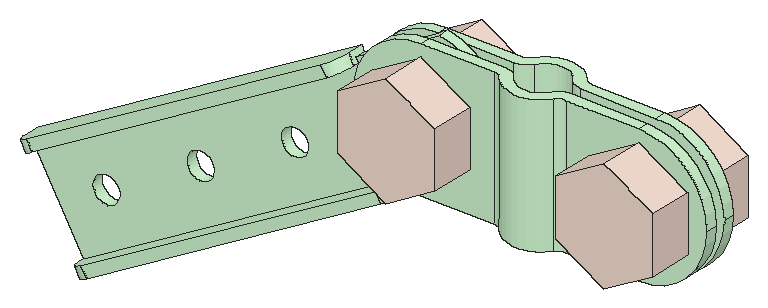
Revit family "brace-kanagu_kf", category 機械設備, Revit 2022
Family settings
  丸型コネクタ寸法 = 直径を使用
  種別 = なし
  パーツ タイプ = 標準
  作業面ベース = いいえ
  常に垂直 = はい
  ロード時にボイドで切り取り = いいえ
  注釈の向きを維持 = いいえ
  共有 = いいえ
  部屋計算ポイント = いいえ
Parameters
  製造元 = "株式会社桐井製作所"
  既定の高さ = 0 mm
  URL = "https://www.kirii.co.jp/"
  K_許容荷重(引張)(N) = 2500
  K_許容荷重(圧縮)(N) = 2500
  K_角度 [instance] = 30.00°
  K_品名 = "ブレース金具KF"
  K_名称 = "斜め部材(ブレース)上部取付金具"
  K_入数 = "100"
  K_備考 = "適用角度:15°~60°"
  K_バージョン情報 = "20211216"
Reference planes
  plane 1 "中心(正面/背面)": y = 0
  plane 2: z = 0
  plane 3 "中心(左/右)": x = 0
  plane 4: z = -12.5
Forms (mm)
  Extrusion 1, solid
    sketch origin (0, 0, 0) x (1, 0, 0) y (0, 1, 0)
      loop
        line (-32.5, 3) -> (-32.5, 1) -> (-6.107, 1)
        arc (-6.107, 1) -> (-4.68, 1.361) -> (-3.597, 2.356) r 3
        arc (-3.597, 2.356) -> (0, 4.3) -> (3.597, 2.356) r 4.3
        arc (3.597, 2.356) -> (4.68, 1.361) -> (6.107, 1) r 3
        line (6.107, 1) -> (32.5, 1) -> (32.5, 3) -> (6.625, 3)
        arc (6.625, 3) -> (5.733, 3.21) -> (5.029, 3.795) r 2
        arc (5.029, 3.795) -> (0, 6.3) -> (-5.029, 3.795) r 6.3
        arc (-5.029, 3.795) -> (-5.733, 3.21) -> (-6.625, 3) r 2
        line (-6.625, 3) -> (-32.5, 3)
      loop
        line (32.5, -1) -> (6.107, -1)
        arc (6.107, -1) -> (4.68, -1.361) -> (3.597, -2.356) r 3
        arc (3.597, -2.356) -> (0, -4.3) -> (-3.597, -2.356) r 4.3
        arc (-3.597, -2.356) -> (-4.68, -1.361) -> (-6.107, -1) r 3
        line (-6.107, -1) -> (-32.5, -1) -> (-32.5, -3) -> (-6.625, -3)
        arc (-6.625, -3) -> (-5.733, -3.21) -> (-5.029, -3.795) r 2
        arc (-5.029, -3.795) -> (0, -6.3) -> (5.029, -3.795) r 6.3
        arc (5.029, -3.795) -> (5.733, -3.21) -> (6.625, -3) r 2
        line (6.625, -3) -> (32.5, -3) -> (32.5, -1)
    from -25 to 0
  Extrusion 2, void
    sketch origin (0, 0, 0) x (1, 0, 0) y (0, 0, 1)
      loop
        line (-20, 0) -> (-32.5, 0) -> (-32.5, -12.5)
        arc (-32.5, -12.5) -> (-28.839, -3.661) -> (-20, 0) r 12.5
      loop
        line (32.5, -12.5) -> (32.5, 0) -> (20, 0)
        arc (20, 0) -> (28.839, -3.661) -> (32.5, -12.5) r 12.5
    from 0 to 3
  Extrusion 3, void
    sketch origin (0, 0, -25) x (1, 0, 0) y (0, 0, 1)
      loop
        arc (-20, 0) -> (-28.839, 3.661) -> (-32.5, 12.5) r 12.5
        line (-32.5, 12.5) -> (-32.5, 0) -> (-20, 0)
      loop
        arc (32.5, 12.5) -> (28.839, 3.661) -> (20, 0) r 12.5
        line (20, 0) -> (32.5, 0) -> (32.5, 12.5)
    from 0 to 3
  Extrusion 4, void
    sketch origin (0, 0, 0) x (1, 0, 0) y (0, 0, -1)
      loop
        arc (-20, 0) -> (-28.839, 3.661) -> (-32.5, 12.5) r 12.5
        line (-32.5, 12.5) -> (-32.5, 0) -> (-20, 0)
      loop
        arc (32.5, 12.5) -> (28.839, 3.661) -> (20, 0) r 12.5
        line (20, 0) -> (32.5, 0) -> (32.5, 12.5)
    from 0 to 3
  Extrusion 5, void
    sketch origin (0, 0, -25) x (1, 0, 0) y (0, 0, -1)
      loop
        line (-20, 0) -> (-32.5, 0) -> (-32.5, -12.5)
        arc (-32.5, -12.5) -> (-28.839, -3.661) -> (-20, 0) r 12.5
      loop
        line (32.5, -12.5) -> (32.5, 0) -> (20, 0)
        arc (20, 0) -> (28.839, -3.661) -> (32.5, -12.5) r 12.5
    from 0 to 3
  Extrusion 6, void
    sketch origin (0, 0, 0) x (1, 0, 0) y (0, 0, 1)
      loop
        circle (-20, -12.5) r 5.3
      loop
        circle (20, -12.5) r 5.3
    from 1 to 3
  Extrusion 7, void
    sketch origin (0, 4, 0) x (1, 0, 0) y (0, 0, 1)
      loop
        circle (-20, -12.5) r 5.3
      loop
        circle (20, -12.5) r 5.3
    from 1 to 3
Cuts and joins
  Extrusion 2, Extrusion 3, Extrusion 4, Extrusion 5, Extrusion 6, Extrusion 7 cuts Extrusion 1
Dimensions and locks
  "K_角度": angle plane 4 to nested 1
  aligned and locked: level to plane 2
Automatic sketch dimensions
  Extrusion 1 sketch curve to Extrusion 1 sketch curve = 0 mm  (x20)
  plane 1 "中心(正面/背面)" to Extrusion 1 sketch curve = 0 mm
  Extrusion 1 sketch curve to plane 3 "中心(左/右)" = 0 mm
  plane 1 "中心(正面/背面)" to Extrusion 1 sketch curve = 1 mm  (x2)
  Extrusion 1 sketch curve to plane 3 "中心(左/右)" = 6.107 mm
  Extrusion 1 sketch curve to Extrusion 1 sketch curve = 0.518 mm  (x4)
  Extrusion 1 sketch curve to plane 1 "中心(正面/背面)" = 1 mm  (x2)
  Extrusion 1 sketch curve to Extrusion 1 sketch curve = 25.875 mm  (x2)
  plane 3 "中心(左/右)" to Extrusion 1 sketch curve = 6.107 mm
  plane 1 "中心(正面/背面)" to Extrusion 1 sketch curve = 3 mm
  Extrusion 1 sketch curve to Extrusion 1 sketch curve = 2 mm  (x3)
  Extrusion 1 sketch curve to Extrusion 1 sketch curve = 1 mm  (x8)
  Extrusion 2 sketch curve to plane 4 = 0 mm  (x2)
  Extrusion 2 sketch curve to level = 0 mm  (x2)
  Extrusion 2 sketch curve to plane 3 "中心(左/右)" = 32.5 mm
  plane 3 "中心(左/右)" to Extrusion 2 sketch curve = 20 mm
  Extrusion 3 sketch curve to plane 4 = 0 mm  (x2)
  plane 3 "中心(左/右)" to Extrusion 3 sketch curve = 32.5 mm
  Extrusion 3 sketch curve to Extrusion 3 sketch curve = 12.5 mm
  plane 4 to Extrusion 3 sketch curve = 12.5 mm
  Extrusion 3 sketch curve to plane 3 "中心(左/右)" = 20 mm
  Extrusion 4 sketch curve to plane 4 = 0 mm  (x2)
  Extrusion 4 sketch curve to level = 0 mm  (x2)
  Extrusion 4 sketch curve to plane 3 "中心(左/右)" = 32.5 mm
  plane 3 "中心(左/右)" to Extrusion 4 sketch curve = 20 mm
  Extrusion 5 sketch curve to plane 4 = 0 mm  (x2)
  Extrusion 5 sketch curve to plane 3 "中心(左/右)" = 32.5 mm
  Extrusion 5 sketch curve to Extrusion 5 sketch curve = 12.5 mm
  Extrusion 5 sketch curve to plane 4 = 12.5 mm
  plane 3 "中心(左/右)" to Extrusion 5 sketch curve = 20 mm
  Extrusion 6 sketch curve to plane 4 = 0 mm  (x2)
  Extrusion 6 sketch curve to plane 3 "中心(左/右)" = 20 mm
  plane 3 "中心(左/右)" to Extrusion 6 sketch curve = 20 mm
  Extrusion 7 sketch curve to plane 4 = 0 mm  (x2)
  Extrusion 7 sketch curve to plane 3 "中心(左/右)" = 20 mm
  plane 3 "中心(左/右)" to Extrusion 7 sketch curve = 20 mm
  radius of Extrusion 6 sketch curve = 5.3 mm  (x2)
  radius of Extrusion 7 sketch curve = 5.3 mm  (x2)
Nested families
  nested 1: "ブレース金具KF下部金具" at (-20.432, 0, -11.752) x (0.5, 0, -0.866) z (0.866, 0, 0.5), type "ブレース金具KF下部金具"
    with K_角度 45.00°
  nested 2: "ブレース金具KFナット" at (20, -3, -12.5) x (-1, 0, 0) z (0, -1, 0), type "ブレース金具KFナット"
  nested 3: "ブレース金具KFナット" at (-20, -3, -12.5) x (-1, 0, 0) z (0, -1, 0), type "ブレース金具KFナット"
  nested 4: "ブレース金具KFナット" at (20, 3, -12.5) x (-1, 0, 0) z (0, 1, 0), type "ブレース金具KFナット"
  nested 5: "ブレース金具KFナット" at (-20, 3, -12.5) x (-1, 0, 0) z (0, 1, 0), type "ブレース金具KFナット"
Definition of nested family "ブレース金具KF下部金具"
  Parameters (values of type "ブレース金具KF下部金具")
    Manufacturer = "株式会社桐井製作所"
    Default Elevation = 0 mm
    URL = "https://www.kirii.co.jp/"
    K_角度 [instance] = 45.00°
    K_結束/入数 = "100"
    K_品名 = "UE-box"
    K_名称 = "斜め部材(ブレース)上部取付金具"
    K_備考 = "適用角度30°~60°"
  Reference planes
    plane 1 "中心(正面/背面)": y = 0
    plane 2: z = 0
    plane 3 "中心(左/右)": x = 0
  Forms (mm)
    Extrusion 1, solid
      sketch origin (175.263, 1, 115.763) x (1, 0, 0) y (0, 0, 1)
        loop
          arc (-165.263, -107.456) -> (-175.263, -102.763) -> (-185.263, -107.456) r 13
          line (-185.263, -107.456) -> (-185.263, -193.763) -> (-165.263, -193.763) -> (-165.263, -107.456)
      from 0 to 2
    Extrusion 2, solid
      sketch origin (175.263, 1, 115.763) x (1, 0, 0) y (0, 0, 1)
        loop
          line (-186.263, -125.263) -> (-186.263, -193.763) -> (-184.263, -193.763) -> (-184.263, -125.263) -> (-186.263, -125.263)
        loop
          line (-166.263, -125.263) -> (-166.263, -193.763) -> (-164.263, -193.763) -> (-164.263, -125.263) -> (-166.263, -125.263)
      from 0 to 6
    Extrusion 3, void
      sketch origin (175.263, 1, 115.763) x (1, 0, 0) y (0, 0, 1)
        loop
          circle (-175.263, -115.763) r 5.3
        loop
          circle (-175.263, -143.763) r 2.5
        loop
          circle (-175.263, -163.763) r 2.5
        loop
          circle (-175.263, -183.763) r 2.5
      from 0 to 2
    Extrusion 4, void
      sketch origin (0, 0, 0) x (0, 1, 0) y (0, 0, 1)
        loop
          arc (-5, -12.5) -> (-4.121, -10.379) -> (-2, -9.5) r 3
          line (-2, -9.5) -> (-5, -9.5) -> (-5, -12.5)
        loop
          arc (-2, -78) -> (-4.121, -77.121) -> (-5, -75) r 3
          line (-5, -75) -> (-5, -78) -> (-2, -78)
      from 9 to 11
    Extrusion 5, void
      sketch origin (-20, 0, 0) x (0, 1, 0) y (0, 0, 1)
        loop
          arc (-5, -12.5) -> (-4.121, -10.379) -> (-2, -9.5) r 3
          line (-2, -9.5) -> (-5, -9.5) -> (-5, -12.5)
        loop
          arc (-2, -78) -> (-4.121, -77.121) -> (-5, -75) r 3
          line (-5, -75) -> (-5, -78) -> (-2, -78)
      from 9 to 11
  Cuts and joins
    Extrusion 3, Extrusion 5 cuts Extrusion 1
    Extrusion 4, Extrusion 5 cuts Extrusion 2
    joined: Extrusion 1, Extrusion 2
  Lines and regions (mm)
    reference lines
      curve 1: line (0, 0, 13) -> (0, 0, -78)
  Dimensions and locks
    aligned and locked: level to plane 2
Definition of nested family "ブレース金具KFナット"
  Parameters (values of type "ブレース金具KFナット")
    Default Elevation = 1219.2 mm
  Reference planes
    plane 1 "中心(正面/背面)": y = 0
    plane 2: z = 0
    plane 3 "中心(左/右)": x = 0
  Forms (mm)
    Extrusion 1, solid
      sketch origin (0, 0, 0) x (1, 0, 0) y (0, 1, 0)
        loop
          line (-55, 45) -> (-55, -45.273) -> (55.986, -45.273) -> (55.986, 45) -> (-55, 45)
      from 0 to -304.8
    Extrusion 2, solid
      sketch origin (0, 0, 0) x (1, 0, 0) y (0, 1, 0)
        loop
          line (8.9, 5.138) -> (0, 10.277) -> (-8.9, 5.138) -> (-8.9, -5.138) -> (0, -10.277) -> (8.9, -5.138) -> (8.9, 5.138)
      from 0 to 8
  Lines and regions (mm)
    model lines
      curve 1: circle (0, 0, 8) r 8.9 normal (0, 0, 1)
  Dimensions and locks
    aligned and locked: plane 2 to Extrusion 1
    aligned and locked: level to Extrusion 1
